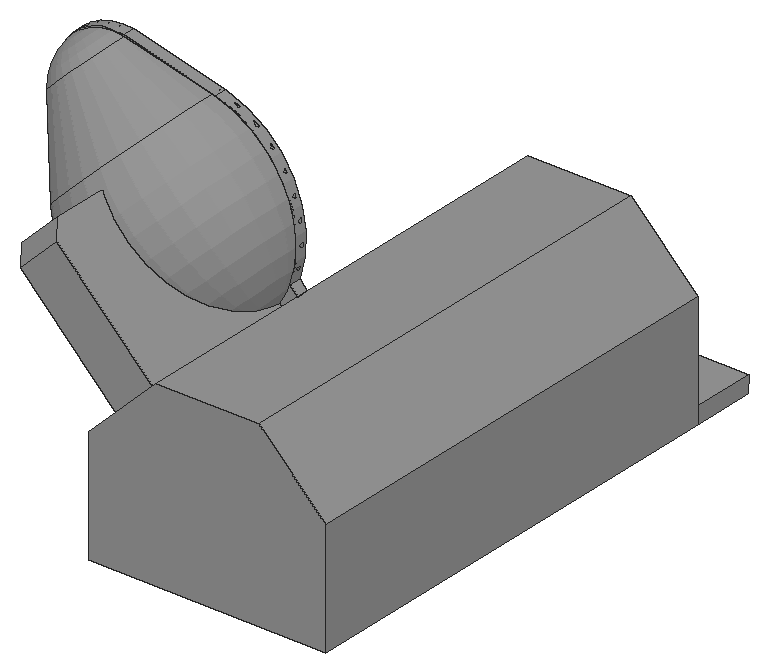
Revit family "Combination-Willoughby-ECW-1546-L-OF", category Plumbing Fixtures, Revit 2015
Parameters (values of type "Standard")
  Waste DIA = 2 3/8"
  Waste Connection = yes
  Vent Connection = no
  URL = "https://www.willoughby-ind.com/wp-content/uploads/2017/05/1546.pdf"
  Revision = "A"
  Model = "ECW-1546-L-OF"
  Manufacturer = "Willoughby Industries"
  Lav Waste DIA = 1 1/2"
  Lav Waste Connection = yes
  HW Connection = no
  Flush Inlet DIA = 1 1/2"
  Flush Inlet Connection = yes
  Fixture Body = Stainless Steel AISI 304-Willoughby
  Description = "1546 Combination Unit, Wall toilet waste outlet, Left toilet, Off Floor mounted"
  Default Elevation = 0' - 0"
  Contact = "(800) 428-4065"
  CW Connection = no
Reference planes (in)
  plane 1 "Center (Front/Back)": y = 0
  plane 2: z = 0
  plane 3 "Center (Left/Right)": x = 0
  plane 4: x = -7.5
  plane 5: x = 7.5
  plane 6 "Floor Level/Base": y = -20
  plane 7: y = 12.5
  plane 8: z = 11.5
  plane 9: z = 6.5
  plane 10: y = 16.5
  plane 11: through (4.45954, 0, 8.54046) normal (0.7071, 0, -0.7071)
  plane 12: through (7.5, 0, 7.25) normal (0.7071, 0, -0.7071)
  plane 13: through (3.25, 0, 11.5) normal (0.7071, 0, -0.7071)
  plane 14: x = -1
  plane 15: x = -4.875
  plane 16 "Lav. Waste": y = 4.25
  plane 17 "Waste": y = -8.5
  plane 18 "Flush Inlet": y = 0.5
  plane 19 "Seat": y = -5
  plane 20: through (-5.375, 0, 9.375) normal (0.7071, 0, 0.7071)
  plane 21 "Bottom Of Unit Off Floor": y = -17
  plane 22: x = 1
  plane 23: through (-1.98345, -3.2498, 36.25199) normal (-0.7071, 0, 0.7071)
  plane 24: through (-10.31288, -3.2498, 34.81686) normal (-0.7071, 0, 0.7071)
  plane 25: through (-11.90003, -3.2498, 28.61553) normal (0.7071, 0, 0.7071)
  plane 26: through (-16.14267, -3.2498, 24.37289) normal (0.7071, 0, 0.7071)
  plane 27: through (13.78317, -3.4998, 3.06491) normal (0.7071, 0, 0.7071)
  plane 28: through (9.40795, -3.4998, -1.31031) normal (0.7071, 0, 0.7071)
  plane 29: z = -3
Forms (in)
  Extrusion 1, solid, material "Stainless Steel AISI 304-Willoughby" <- "Fixture Body"
    sketch origin (0, -8.47286, 8.47286) x (1, 0, 0) y (0, 0, 1)
      loop
        line (7.5, 7.25) -> (3.25, 11.5) -> (-3.25, 11.5) -> (-7.5, 7.25) -> (-7.5, 0) -> (7.5, 0) -> (7.5, 7.25)
    from 7.02734 to -22.47266
  Extrusion 2, solid, material "Stainless Steel AISI 304-Willoughby" <- "Fixture Body"
    sketch origin (0, -8.47286, 8.47286) x (0, 1, 0) y (0, 0, 1)
      loop
        line (22.47266, 0) -> (26.47266, 0) -> (26.47266, 1.0625) -> (22.47266, 1.0625) -> (22.47266, 0)
    from 7.5 to -7.5
  Extrusion 3, void
    sketch origin (0, 30.47245, 8.47286) x (1, 0, 0) y (0, 0, 1)
      loop
        line (6.02576, 6.97424) -> (2.89332, 10.10668)
        arc (2.89332, 10.10668) -> (2.45766, 10.39778) -> (1.94376, 10.5) r 1.34289
        line (1.94376, 10.5) -> (0, 10.5) -> (-1.94376, 10.5)
        arc (-1.94376, 10.5) -> (-2.45766, 10.39778) -> (-2.89332, 10.10668) r 1.34289
        line (-2.89332, 10.10668) -> (-6.02576, 6.97424)
        arc (-6.02576, 6.97424) -> (-6.41304, 6.18891) -> (-6.24222, 5.33011) r 1.36204
        line (-6.24222, 5.33011) -> (-4.64434, 2.5625)
        arc (-4.64434, 2.5625) -> (-4.46132, 2.37949) -> (-4.21132, 2.3125) r 0.5
        line (-4.21132, 2.3125) -> (0, 2.3125) -> (4.21132, 2.3125)
        arc (4.21132, 2.3125) -> (4.46132, 2.37949) -> (4.64434, 2.5625) r 0.5
        line (4.64434, 2.5625) -> (6.24222, 5.33011)
        arc (6.24222, 5.33011) -> (6.41304, 6.18891) -> (6.02576, 6.97424) r 1.36204
    from 16.47266 to 22.47266
  Revolve 4, solid, material "Stainless Steel AISI 304-Willoughby" <- "Fixture Body"
    sketch origin (0, 6.0002, -3.52714) x (0, 0, -1) y (-1, 0, 0)
      loop
        line (-12, 0) -> (-14, 0) -> (-14, -0.75) -> (-8.99428, -0.75) -> (-8.99428, 0) -> (-12, 0)
      axis (-14, 0) -> (-8.99428, 0)
    angle from 0 to 360
  Revolve 5, solid, material "Stainless Steel AISI 304-Willoughby" <- "Fixture Body"
    sketch origin (1, -6.9998, 0.1421) x (0, 0, -1) y (-1, 0, 0)
      loop
        line (-10.39326, 1) -> (-5.32504, 1) -> (-5.32504, 2.1875) -> (-10.39326, 2.1875) -> (-10.39326, 1)
      axis (-10.39326, 1) -> (-5.32504, 1)
    angle from 0 to 360
  Revolve 6, solid, material "Stainless Steel AISI 304-Willoughby" <- "Fixture Body"
    sketch origin (0, 2.0002, 0.1421) x (0, 0, -1) y (-1, 0, 0)
      loop
        line (-8.32794, 4.875) -> (-8.32794, 5.625) -> (-9.83076, 5.625) -> (-9.83076, 4.875) -> (-8.32794, 4.875)
      axis (-9.83076, 4.875) -> (-8.32794, 4.875)
    angle from 0 to 360
  Revolve 7, solid, material "Stainless Steel AISI 304-Willoughby" <- "Fixture Body"
    sketch origin (-1.38462, -3.7498, 13.85749) x (0.707107, 0, -0.707107) y (-0.707107, 0, -0.707107)
      loop
        arc (-16.25875, -6.02566) -> (-9.22764, -6.08019) -> (-5.69625, 0) r 7
        line (-5.69625, 0) -> (-6.19625, 0)
        arc (-6.19625, 0) -> (-9.4731, -5.64458) -> (-15.99973, -5.59794) r 6.5
        line (-15.99973, -5.59794) -> (-20.8721, -2.57392)
        arc (-20.8721, -2.57392) -> (-21.91777, -1.47245) -> (-22.28998, 0) r 3
        line (-22.28998, 0) -> (-22.79, 0)
        arc (-22.79, 0) -> (-22.35472, -1.71553) -> (-21.13577, -2.99875) r 3.5
        line (-21.13577, -2.99875) -> (-16.25875, -6.02566)
      axis (-22.79, 0) -> (-5.69625, 0)
    angle from 0 to 180
  Extrusion 8, solid, material "Stainless Steel AISI 304-Willoughby" <- "Fixture Body"
    sketch origin (-2.24111, -3.7498, 14.75816) x (0.707107, 0, -0.707107) y (-0.707107, 0, -0.707107)
      loop
        arc (-14.84796, -6.09947) -> (-9.30093, -6.64908) -> (-5.11094, -2.97272) r 7.00047
        line (-5.11094, -2.97272) -> (-4.40074, -2.97272) -> (-4.40074, 3.03125) -> (-5.15133, 3.03125)
        arc (-5.15133, 3.03125) -> (-9.41635, 6.65799) -> (-14.97529, 5.99325) r 6.99275
        line (-14.97529, 5.99325) -> (-19.9529, 2.93535)
        arc (-19.9529, 2.93535) -> (-21.54777, -0.01284) -> (-19.9529, -2.96103) r 3.52237
        line (-19.9529, -2.96103) -> (-14.84796, -6.09947)
      loop
        line (-18.88726, -1.64336) -> (-13.59255, -3.90033)
        arc (-13.59255, -3.90033) -> (-6.6942, -0.01284) -> (-13.59255, 3.87465) r 4.54455
        line (-13.59255, 3.87465) -> (-18.88726, 1.61767)
        arc (-18.88726, 1.61767) -> (-19.76744, -0.01284) -> (-18.88726, -1.64336) r 1.95034
    from 0.25 to -0.5
  Extrusion 9, solid, material "Stainless Steel AISI 304-Willoughby" <- "Fixture Body"
    sketch origin (-4.34433, -3.4998, 16.81719) x (0, 1, 0) y (-0.707107, 0, 0.707107)
      loop
        line (-6.74564, 11.11058) -> (-9.99564, 11.11058) -> (-11, 10.10622) -> (-11, 1.45759) -> (-0.75, 1.45759) -> (-0.75, 1.86803)
        arc (-0.75, 1.86803) -> (-5.87123, 5.08059) -> (-6.30349, 11.11058) r 6.68108
        line (-6.30349, 11.11058) -> (-6.74564, 11.11058)
    from 1.625 to -1.625
Cuts and joins
  Extrusion 3 cuts Extrusion 1
Lines and regions (in)
  symbolic lines, detail levels fine
    curve 1: line (-17.77997, 0, 19.51827) -> (-15.63196, 0, 14.17842)
    curve 2: arc (-15.63196, 0, 14.17842) -> (-8.00523, 0, 12.04942) -> (-10.13422, 0, 19.67616) r 4.54455
    curve 3: line (-10.13422, 0, 19.67616) -> (-15.47408, 0, 21.82417)
    curve 4: arc (-15.47408, 0, 21.82417) -> (-16.42877, 0, 21.78317) -> (-17.2494, 0, 21.2936) r 1.95034
    curve 5: arc (-17.2494, 0, 21.2936) -> (-17.73898, 0, 20.47297) -> (-17.77997, 0, 19.51827) r 1.95034
    curve 6: line (6.02576, 0, 6.97424) -> (2.89332, 0, 10.10668)
    curve 7: line (1.94376, 0, 10.5) -> (-1.94376, 0, 10.5)
    curve 8: line (-2.89332, 0, 10.10668) -> (-6.02576, 0, 6.97424)
    curve 9: line (-6.24222, 0, 5.33011) -> (-4.64434, 0, 2.5625)
    curve 10: line (-4.21132, 0, 2.3125) -> (4.21132, 0, 2.3125)
    curve 11: line (4.64434, 0, 2.5625) -> (6.24222, 0, 5.33011)
    curve 12: arc (2.89332, 0, 10.10668) -> (2.45766, 0, 10.39778) -> (1.94376, 0, 10.5) r 1.34289
    curve 13: arc (-1.94376, 0, 10.5) -> (-2.45766, 0, 10.39778) -> (-2.89332, 0, 10.10668) r 1.34289
    curve 14: arc (-6.02576, 0, 6.97424) -> (-6.41304, 0, 6.18891) -> (-6.24222, 0, 5.33011) r 1.36204
    curve 15: arc (-4.64434, 0, 2.5625) -> (-4.46132, 0, 2.37949) -> (-4.21132, 0, 2.3125) r 0.5
    curve 16: arc (4.21132, 0, 2.3125) -> (4.46132, 0, 2.37949) -> (4.64434, 0, 2.5625) r 0.5
    curve 17: arc (6.24222, 0, 5.33011) -> (6.41304, 0, 6.18891) -> (6.02576, 0, 6.97424) r 1.36204
  symbolic lines
    curve 18: line (7.5, 0, 7.25) -> (3.25, 0, 11.5)
    curve 19: line (3.25, 0, 11.5) -> (-3.25, 0, 11.5)
    curve 20: line (-3.25, 0, 11.5) -> (-7.5, 0, 7.25)
    curve 21: line (-7.5, 0, 7.25) -> (-7.5, 0, 0)
    curve 22: line (-7.5, 0, 0) -> (7.5, 0, 0)
    curve 23: line (7.5, 0, 0) -> (7.5, 0, 7.25)
    curve 24: line (0, -17, 0) -> (0, 16.5, 0)
    curve 25: line (0, 16.5, 0) -> (0, 16.5, 1.0625)
    curve 26: line (0, 16.5, 1.0625) -> (0, 12.5, 1.0625)
    curve 27: line (0, 12.5, 1.0625) -> (0, 12.5, 11.5)
    curve 28: line (0, 12.5, 11.5) -> (0, -17, 11.5)
    curve 29: line (0, -17, 11.5) -> (0, -17, 0)
    curve 30: line (0, -5.72968, 8.44357) -> (0, -5.72968, 7.19357)
    curve 31: line (0, -5.72968, 8.22595) -> (0, -16, 8.22595)
    curve 32: line (0, -16, 8.22595) -> (0, -16, 17.67023)
    curve 33: line (0, -16, 17.67023) -> (0, -14.99564, 18.38042)
    curve 34: line (0, -14.99564, 18.38042) -> (0, -11.52456, 18.38042)
    curve 35: line (0, -16, 15.37213) -> (0, -14.99564, 16.08232)
    curve 36: line (0, -14.99564, 16.08232) -> (0, -14.99564, 18.38042)
    curve 37: line (0, -14.99564, 16.08232) -> (0, -11.52456, 16.08232)
    curve 38: arc (0, -11.52456, 16.08232) -> (0, -11.74727, 17.23137) -> (0, -11.52456, 18.38042) r 3.07563
    curve 39: arc (0, -11.52456, 16.08232) -> (0, -11.97747, 13.72367) -> (0, -11.06994, 11.5) r 4.21932
    curve 40: arc (0, -11.06994, 11.5) -> (0, -8.76115, 9.34044) -> (0, -5.72968, 8.44357) r 6.86943
    curve 41: line (0, -5, 7.25368) -> (0, -5, 23.58416)
    curve 42: line (0, -5, 23.58416) -> (0, -5.75, 23.58416)
    curve 43: arc (0, -5.75, 23.58416) -> (0, -6.76344, 23.24659) -> (0, -7.65338, 22.65582) r 4.05028
    curve 44: line (0, -7.65338, 22.65582) -> (0, -10.11787, 20.43678)
    curve 45: arc (0, -10.11787, 20.43678) -> (0, -10.93393, 19.48403) -> (0, -11.57828, 18.40769) r 7.43841
    curve 46: line (-3.25087, -5, 0) -> (-19.53997, -5, 0)
  symbolic lines, detail levels medium+fine
    curve 47: line (7.5, 0, 1.0625) -> (-7.5, 0, 1.0625)
Dimensions and locks (in)
  plane 4 to plane 5 = 1' - 3"
  locked: plane 7 to plane 6 "Floor Level/Base" at 32.5
  level to plane 8 = 0' - 11 1/2"
  level to plane 9 = 0' - 6 1/2"
  plane 10 to plane 16 "Lav. Waste" = 1' - 0 1/4"
  plane 10 to plane 18 "Flush Inlet" = 1' - 4"
  plane 6 "Floor Level/Base" to plane 17 "Waste" = 0' - 11 1/2"
  plane 6 "Floor Level/Base" to plane 18 "Flush Inlet" = 1' - 8 1/2"
  plane 6 "Floor Level/Base" to plane 16 "Lav. Waste" = 2' - 0 1/4"
  locked: plane 17 "Waste" to plane 6 "Floor Level/Base" at 11.5
  locked: plane 18 "Flush Inlet" to plane 6 "Floor Level/Base" at 20.5
  locked: plane 16 "Lav. Waste" to plane 6 "Floor Level/Base" at 24.25
  locked: plane 10 to plane 6 "Floor Level/Base" at 36.5
  plane 6 "Floor Level/Base" to plane 10 = 3' - 0 1/2"
  plane 6 "Floor Level/Base" to plane 19 "Seat" = 1' - 3"
  plane 8 to level = 0' - 11 1/2"
  locked: plane 15 to plane 4 at 2.625
  locked: plane 4 to plane 3 "Center (Left/Right)" at 7.5  (x2)
  plane 4 to plane 15 = 0' - 2 5/8"
  plane 19 "Seat" to plane 6 "Floor Level/Base" = 1' - 3"  (x2)
  plane 21 "Bottom Of Unit Off Floor" to plane 6 "Floor Level/Base" = 0' - 3"
  plane 22 to plane 5 = 0' - 6 1/2"  (x2)
  plane 25 to plane 26 = 0' - 6"
  aligned and locked: Extrusion 2 to plane 5
  aligned and locked: plane 4 to Extrusion 2
  aligned and locked: plane 4 to Extrusion 1
  aligned and locked: Extrusion 1 to plane 5
  aligned and locked: Extrusion 8 to Extrusion 9
  aligned and locked: Extrusion 8 to cut or joined group of Extrusion 1, Extrusion 3
  aligned and locked: cut or joined group of Extrusion 1, Extrusion 3 to Extrusion 2  (x2)
  aligned and locked: Extrusion 9 to cut or joined group of Extrusion 1, Extrusion 3
  aligned and locked: Extrusion 1 to Extrusion 2
  aligned and locked: Revolve 4 sketch curve to Revolve 5
Connectors (in)
  piping at (0, 6.0002, 5.46714), diameter 1.5, driven by "Lav Waste DIA", driven by "Lav Waste Connection"
    settings: on Revolve 4, index 1, connector inside diameter 24", connector length 0' - 0", flow factor 0, pipe flow 0 GPM, pressure drop 0.00 psi, fitting loss kfactor 0, connector angle 0.00°, fixture units 0, engagement length 0' - 0", angle of deflection 0.00°, flow configuration 0, flow direction 2, fitting loss method 0, system type 16, joint type 0, gender type 0, connector reference index -1, connector utility 1, adjustable connector no, is connector primary yes, connector description "Sink Waste"
  piping at (-4.875, 2.0002, 8.47004), diameter 1.5, driven by "Flush Inlet DIA", driven by "Flush Inlet Connection"
    settings: on Revolve 6, index 2, connector inside diameter 24", connector length 0' - 0", flow factor 0, pipe flow 0 GPM, pressure drop 0.00 psi, fitting loss kfactor 0, connector angle 0.00°, fixture units 0, engagement length 0' - 0", angle of deflection 0.00°, flow configuration 0, flow direction 1, fitting loss method 0, system type 20, joint type 0, gender type 0, connector reference index -1, connector utility 1, adjustable connector no, is connector primary no, connector description "Flush Inlet"
  piping at (0, -6.9998, 5.46714), diameter 2.375, driven by "Waste Connection", driven by "Waste DIA"
    settings: on Revolve 5, index 3, connector inside diameter 24", connector length 0' - 0", flow factor 0, pipe flow 0 GPM, pressure drop 0.00 psi, fitting loss kfactor 0, connector angle 0.00°, fixture units 0, engagement length 0' - 0", angle of deflection 0.00°, flow configuration 0, flow direction 2, fitting loss method 0, system type 16, joint type 0, gender type 0, connector reference index -1, connector utility 1, adjustable connector no, is connector primary no, connector description "Toilet Waste"
